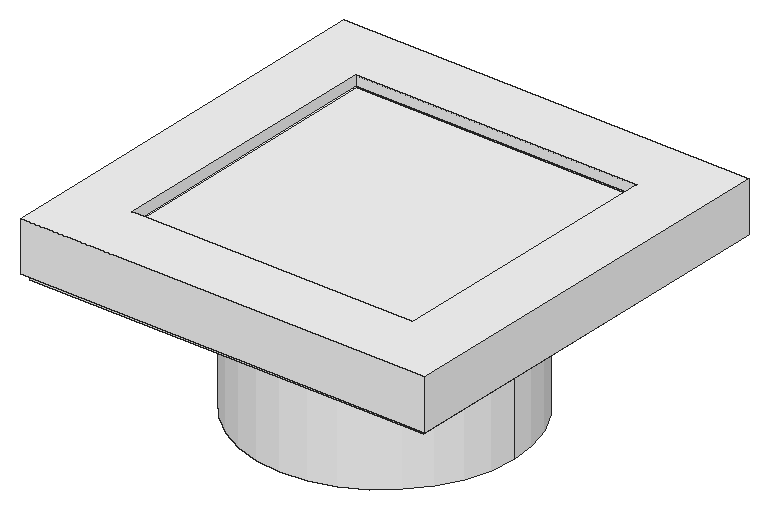
Revit family "Gira_014003", category Electrical Fixtures, host Face, Revit 2017
Family settings
  Host = Face
  Maintain Annotation Orientation = Yes
  Round Connector Dimension = Use Diameter
  Part Type = Normal
  Cut with Voids When Loaded = No
  Shared = No
  Room Calculation Point = No
Parameters (values of type "Hotel-card btn 2-way m-c (ill.) in.sp. System 55 p.white")
  With lighting = "No"
  White [instance] = White
  URL = "http://katalog.gira.de/en/datenblatt.html?artikelnr=014003"
  Type of fastening = "Mounting with claw and screw"
  Transparent = "No"
  Surface protection = "Other"
  Surface finishing = "Glossy"
  Suitable for degree of protection (IP) = "IP20"
  Rated current = "10"
  RAL-number (akin) = "9010"
  Number of rockers = "1"
  Nominal voltage = "250"
  Name = "Hotel-card btn 2-way m-c (ill.) in.sp. System 55 p.white"
  Mounting method = "Flush mounted (plaster)"
  Model = "Single push button"
  Method of operation = "Hotel card"
  Material quality = "Thermoplastic"
  Material = "Plastic"
  Manufacturer URL = "https://www.gira.de/"
  Manufacturer = "Gira"
  Label space/information surface = "Yes"
  Imprint = "None"
  HeinzeBIM = "https://bimportal.heinze.de/bim/hotel-card-btn-2-way-m-c-ill-in-sp-system-55-p-white/27b140e612e9e622401371ac0545f10a3e36a96b"
  Halogen free = "Yes"
  HAN = "014003"
  GTIN = "4010337140030"
  Feedback-signal contact = "No"
  Description = "Hotel-crd 2-w m-c cbi in.sp. Sys55 PW,Hotel-card button 10 AX 250 V~ can be illuminated with inscription space,2-way momentary-contact, 1-pole,pure white glossy,Features:,- Applications of the hotel-card button with disassembly safeguard include performing security and energy-saving functions.,- When the hotel card is removed, any devices which are still switched on are deactivated.,- The electric circuit via the push button is only activated when the card has been inserted.,,Notes :,- Further versions are available upon request."
  Default Elevation = 1219.2 mm
  Data sheet (1) = "https://katalog.gira.de/en/download.html?artikelnr=014003"
  Contacts = "1 change-over contact"
  Colour = "White"
  Category = "Push-switch button"
  BIM (1) = "https://media.stage.bim.site/public/gira/36a6b08/Sys55_Komplettgerät_Schalten und Tasten.rfa?public/gira/36a6b08/Sys55_Komplettgerät_Schalten und Tasten.rfa"
  Available = "No"
  Assembly arrangement = "Basic element with central cover plate"
Reference planes
  plane 1 "Center (Front/Back)": y = 0
  plane 2: z = 0
  plane 3 "Center (Left/Right)": x = 0
Forms (mm)
  Extrusion 1, solid, material "White" <- "White", detail levels medium
    sketch origin (0, 0, 0) x (1, 0, 0) y (0, 1, 0)
      loop
        line (-40.4, 40.4) -> (-40.4, -40.4) -> (40.4, -40.4) -> (40.4, 40.4) -> (-40.4, 40.4)
      loop
        line (-28, 28) -> (-28, -28) -> (28, -28) -> (28, 28) -> (-28, 28)
    from 0 to 10
  Extrusion 2, solid, material "White" <- "White", detail levels fine
    sketch origin (0, 0, 0) x (1, 0, 0) y (0, 1, 0)
      loop
        line (-40.4, 40.4) -> (-40.4, -40.4) -> (40.4, -40.4) -> (40.4, 40.4) -> (-40.4, 40.4)
      loop
        line (-28, 28) -> (-28, -28) -> (28, -28) -> (28, 28) -> (-28, 28)
    from 0 to 10
  Extrusion 3, void
    sketch origin (0, 0, 0) x (1, 0, 0) y (0, 1, 0)
      loop
        line (-38.4, 38.4) -> (-38.4, -38.4) -> (38.4, -38.4) -> (38.4, 38.4) -> (-38.4, 38.4)
    from 0 to 8
  Extrusion 4, solid, material "White" <- "White", detail levels medium+fine
    sketch origin (0, 0, 0) x (1, 0, 0) y (0, 1, 0)
      loop
        line (-39.4, 39.4) -> (-39.4, -39.4) -> (39.4, -39.4) -> (39.4, 39.4) -> (-39.4, 39.4)
    from 0 to -1
  Extrusion 5, solid, material "White" <- "White", detail levels medium+fine
    sketch origin (0, 0, 0) x (1, 0, 0) y (0, 1, 0)
      loop
        line (-35.5, 35.5) -> (-35.5, -35.5) -> (35.5, -35.5) -> (35.5, 35.5) -> (-35.5, 35.5)
    from -2 to -3
  Extrusion 6, solid, material "White" <- "White", detail levels medium+fine
    sketch origin (0, 0, 0) x (1, 0, 0) y (0, 1, 0)
      loop
        circle (0, 0) r 26
    from 0 to -27.5
  Extrusion 7, solid, material "White" <- "White", detail levels coarse
    sketch origin (0, 0, 0) x (1, 0, 0) y (0, 1, 0)
      loop
        line (-40.4, 40.4) -> (-40.4, -40.4) -> (40.4, -40.4) -> (40.4, 40.4) -> (-40.4, 40.4)
    from -27.5 to 10
Cuts and joins
  Extrusion 3 cuts Extrusion 2
Dimensions and locks
  aligned and locked: plane 2 to host face
  aligned and locked: level to host face
  aligned and locked: plane 3 "Center (Left/Right)" to nested 2
  aligned and locked: plane 1 "Center (Front/Back)" to nested 2
Nested families
  nested 1: "Sys55_Abdeckung_Schalten und Tasten_floor_base" at (0, 0, 0), type "Sys55_Abdeckung_Schalten und Tasten_floor_base"
  nested 2: "Schalter" at (0, 0, 0), type "Schalter"
Connectors
  electrical at (0, 0, -27.5)
    settings: on Extrusion 6, index 1, voltage 220 V, apparent load 0 VA, apparent load phase1 0 VA, apparent load phase2 0 VA, apparent load phase3 0 VA, power factor 1, load classification "Other", number of poles 1, system type 30, power factor state 1, is connector primary yes, connector utility no, sub classification motor no, connector description ""
Definition of nested family "Sys55_Abdeckung_Schalten und Tasten_floor_base"
  Parameters
    Default Elevation = 1219.2 mm
    White [instance] = none
  Reference planes
    plane 1 "Center (Front/Back)": y = 0
    plane 2: z = 0
    plane 3 "Center (Left/Right)": x = 0
  Forms (mm)
    Extrusion 1, solid
      sketch origin (0, 0, 0) x (1, 0, 0) y (0, 1, 0)
        loop
          line (-1219.2, 1219.2) -> (-1219.2, -1219.2) -> (1219.2, -1219.2) -> (1219.2, 1219.2) -> (-1219.2, 1219.2)
      from 0 to -304.8
    Extrusion 2, solid, material <- "White", detail levels fine
      sketch origin (0, 0, 0) x (1, 0, 0) y (0, 1, 0)
        loop
          line (-27.5, 27.5) -> (-27.5, -27.5) -> (27.5, -27.5) -> (27.5, 27.5) -> (-27.5, 27.5)
      from 0 to 8
    Extrusion 3, void
      sketch origin (0, 0, 0) x (1, 0, 0) y (0, 1, 0)
        loop
          line (26, 26) -> (-26, 26) -> (-26, -26) -> (26, -26) -> (26, 26)
      from 0 to 6
    Extrusion 4, solid, material <- "White", detail levels medium
      sketch origin (0, 0, 0) x (1, 0, 0) y (0, 1, 0)
        loop
          line (-27.5, 27.5) -> (-27.5, -27.5) -> (27.5, -27.5) -> (27.5, 27.5) -> (-27.5, 27.5)
      from 0 to 8
    Extrusion 5, solid, material <- "White", detail levels medium
      sketch origin (0, 0, 0) x (1, 0, 0) y (0, 1, 0)
        loop
          line (11, -17.5) -> (11, 17.5) -> (-11, 17.5) -> (-11, -17.5) -> (11, -17.5)
      from -6 to 6
    Extrusion 6, solid, material <- "White", detail levels fine
      sketch origin (0, 0, 0) x (1, 0, 0) y (0, 1, 0)
        loop
          line (11, 17.5) -> (-11, 17.5) -> (-11, 16.5) -> (11, 16.5) -> (11, 17.5)
        loop
          line (-11, -16.5) -> (-11, -17.5) -> (11, -17.5) -> (11, -16.5) -> (-11, -16.5)
      from -4 to 6
    Extrusion 7, solid, material <- "White", detail levels fine
      sketch origin (0, 0, 0) x (1, 0, 0) y (0, 1, 0)
        loop
          arc (5, 9.347) -> (0, 10.6) -> (-5, 9.347) r 10.6
          line (-5, 9.347) -> (-5, -9.347)
          arc (-5, -9.347) -> (0, -10.6) -> (5, -9.347) r 10.6
          line (5, -9.347) -> (5, 9.347)
      from -6 to 6
    Extrusion 8, solid, material <- "White", detail levels coarse
      sketch origin (0, 0, 0) x (1, 0, 0) y (0, 1, 0)
        loop
          line (-27.5, 27.5) -> (-27.5, -27.5) -> (27.5, -27.5) -> (27.5, 27.5) -> (-27.5, 27.5)
      from -6 to 8
  Cuts and joins
    Extrusion 3 cuts Extrusion 2
  Dimensions and locks
    aligned and locked: plane 2 to Extrusion 1
    aligned and locked: level to Extrusion 1
Definition of nested family "Schalter"
  Reference planes
    plane 1: y = 0
    plane 2: x = 0
  Lines and regions (mm)
    detail lines
      curve 1: circle (1.375, 2.778, 0) r 0.8 normal (0, 0, 1)
      curve 2: line (1.021, 2.061, 0) -> (0, 0, 0)
      curve 3: line (0, 0, 0) -> (-0.538, 0.266, 0)
  Dimensions and locks
    curve 2 to curve 2 = 2.3 mm
    curve 3 to curve 2 = 0.6 mm
    radius of curve 1 = 0.8 mm
